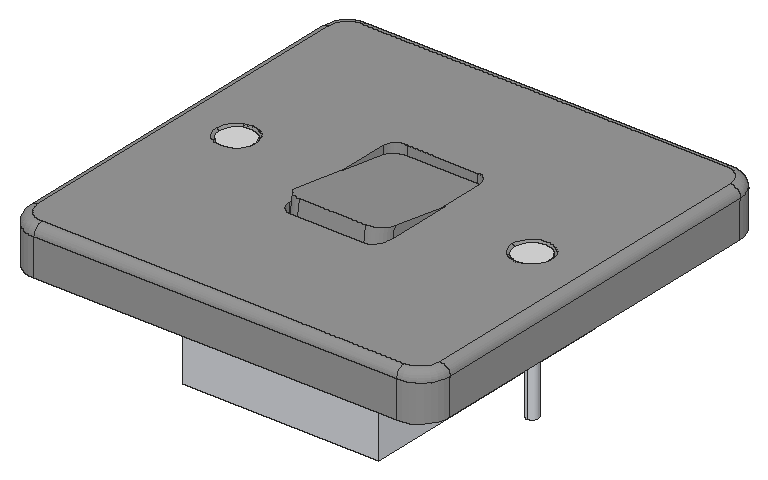
Revit family "ElectricalFixture_WiringAccessories_Hager_Sollysta_PushSwitches", category Lighting Fixtures, host Face, Revit 2015
Parameters (values of type "WMPS12RB")
  Warranty ID = ""
  Voltage (Volts) = "230V/240V"
  Unique Reference = "WMPS12RB"
  Type = "ElectricalFixture"
  Technical Description = Description  # "PushSwitchWithBellSymbol"
  Switch Width = 20.0 mm
  Switch = yes
  Supply Phase = "1"
  Size = ""
  Shipping Weight kg = "0.188"
  Shape = "Rectangular"
  Reference Standard = "BS 1363-2"
  Product URL = "http://www.hager.co.uk/product-catalogue/wiring-accessories/sollysta/white-moulded/white-moulded-sockets/58428.htm"
  Product Range = "Sollysta"
  Product Model Number = "WMPS12RB"
  Product Literature = "http://www.hager.co.uk/product-catalogue/wiring-accessories/sollysta/38662.htm"
  Product Group = "WiringAccessories"
  Product Family = "WhiteMouldedSwitches_PushSwitch"
  Packaging Recyclable = yes
  Overall Width = 0.0 mm
  Overall Length = 86.0 mm
  Overall Height = 86.0 mm
  Overall Depth = 26.07 mm
  Operation and Maintenance Manual = ""
  Name = "WhiteMouldedSwitches_PushSwitch_WMPS12RB"
  Measurement Units = "mm"
  Material = Urea Formaldehyde Thermoset Plastic
  Manufacturer Website = "http://www.hager.co.uk/"
  Manufacturer Country = "United Kingdom"
  Manufacturer = "Hager"
  LED Indicator Switch = no
  Gross Weight kg = "0.165"
  Frequency = "50/60Hz"
  Finish = "Gloss"
  Features = Description  # "PushSwitchWithBellSymbol"
  Extrusion From Wall = 11.921 mm
  Expected Life = "25 years"
  EAN Code = "5015652260677"
  Design Country = "China"
  Description = "PushSwitchWithBellSymbol"
  Default Elevation = 1219.2 mm
  Colour = "SollystaWhite"
  CE Approval = yes
Types (3, lengths in mm): name | Unique Reference | Technical Description | Switch Width | Product Model Number | Name | Features | EAN Code | Description
  WMPS12R | "WMPS12R" | "PushSwitch" | 20.0 | "WMPS12R" | "WhiteMouldedSwitches_PushSwitch_WMPS12R" | "PushSwitch" | "5015652260684" | "PushSwitch"
  WMPS12RB | "WMPS12RB" | "PushSwitchWithBellSymbol" | 20.0 | "WMPS12RB" | "WhiteMouldedSwitches_PushSwitch_WMPS12RB" | "PushSwitchWithBellSymbol" | "5015652260677" | "PushSwitchWithBellSymbol"
  WMPS12RW | "WMPS12RW" | "PushSwitchWideRocker" | 37.0 | "WMPS12RW" | "WhiteMouldedSwitches_PushSwitch_WMPS12RW" | "PushSwitchWideRocker" | "5015652260684" | "PushSwitchWideRocker"
Reference planes
  plane 1 "Center (Front/Back)": y = 0
  plane 2: z = 0
  plane 3 "Center (Left/Right)": x = -11.5
  plane 4: y = -43
  plane 5: y = 43
  plane 6: x = -54.5
  plane 7: x = 31.5
  plane 8: z = 9.47
  plane 9: z = -16.6
  plane 10: z = 11.921
  plane 11: y = -471.393
  plane 12: z = -20.53
  plane 13: x = -41.65
  plane 14: x = 18.65
  plane 15: x = -21.5
  plane 16: x = -1.5
Forms (mm)
  Extrusion 1, solid, material "Urea Formaldehyde Thermoset Plastic", detail levels fine
    sketch origin (0, 0, 0) x (1, 0, 0) y (0, 1, 0)
      loop
        arc (-54.5, -37.005) -> (-52.744, -41.244) -> (-48.505, -43) r 5.995
        line (-48.505, -43) -> (25.483, -43)
        arc (25.483, -43) -> (29.738, -41.238) -> (31.5, -36.983) r 6.017
        line (31.5, -36.983) -> (31.5, 37.035)
        arc (31.5, 37.035) -> (29.753, 41.253) -> (25.535, 43) r 5.965
        line (25.535, 43) -> (-48.518, 43)
        arc (-48.518, 43) -> (-52.748, 41.248) -> (-54.5, 37.018) r 5.982
        line (-54.5, 37.018) -> (-54.5, -37.005)
      loop
        circle (-41.65, 0) r 3.228
      loop
        circle (18.65, 0) r 3.228
      loop
        line (-1.5, -11.794) -> (-1.5, 11.928)
        arc (-1.5, 11.928) -> (-2.323, 13.914) -> (-4.308, 14.736) r 2.808
        line (-4.308, 14.736) -> (-18.765, 14.736)
        arc (-18.765, 14.736) -> (-20.699, 13.935) -> (-21.5, 12.001) r 2.735
        line (-21.5, 12.001) -> (-21.5, -11.881)
        arc (-21.5, -11.881) -> (-20.711, -13.786) -> (-18.806, -14.576) r 2.694
        line (-18.806, -14.576) -> (-4.281, -14.576)
        arc (-4.281, -14.576) -> (-2.315, -13.761) -> (-1.5, -11.794) r 2.781
    from 0 to 9.47
  Sweep 2, void
    path origin (0, 0, 0) x (1, 0, 0) y (0, 1, 0)
      loop
        line (-54.5, 37.018) -> (-54.5, -37.005)
        arc (-54.5, -37.005) -> (-52.744, -41.244) -> (-48.505, -43) r 5.995
        line (-48.505, -43) -> (25.483, -43)
        arc (25.483, -43) -> (29.738, -41.238) -> (31.5, -36.983) r 6.017
        line (31.5, -36.983) -> (31.5, 37.035)
        arc (31.5, 37.035) -> (29.753, 41.253) -> (25.535, 43) r 5.965
        line (25.535, 43) -> (-48.518, 43)
        arc (-48.518, 43) -> (-52.748, 41.248) -> (-54.5, 37.018) r 5.982
    profile origin (-54.5, 0.007, 0) x (1, 0, 0) y (0, 0, 1)
      loop
        line (0, 9.47) -> (0, 7.462)
        arc (0, 7.462) -> (0.588, 8.882) -> (2.008, 9.47) r 2.008
        line (2.008, 9.47) -> (0, 9.47)
  Sweep 3, void
    path origin (0, 0, 0) x (1, 0, 0) y (0, 1, 0)
      loop
        circle (18.65, 0) r 3.228
    profile origin (18.65, 3.228, 0) x (0, -1, 0) y (0, 0, 1)
      loop
        line (0, 9.47) -> (-0.814, 9.47)
        arc (-0.814, 9.47) -> (-0.347, 9.123) -> (0, 8.656) r 2
        line (0, 8.656) -> (0, 9.47)
  Sweep 4, void
    path origin (0, 0, 0) x (1, 0, 0) y (0, 1, 0)
      loop
        circle (-41.65, 0) r 3.228
    profile origin (-41.65, 3.228, 0) x (0, 1, 0) y (0, 0, 1)
      loop
        line (0, 9.47) -> (0, 8.656)
        arc (0, 8.656) -> (0.346, 9.124) -> (0.814, 9.47) r 1.964
        line (0.814, 9.47) -> (0, 9.47)
  Extrusion 5, solid, material "Steel, Chrome Plated", detail levels fine
    sketch origin (0, 0, 0) x (1, 0, 0) y (0, 1, 0)
      loop
        circle (-41.65, 0) r 3.542
    from -1.167 to 9.196
  Extrusion 6, solid, material "Steel, Chrome Plated", detail levels fine
    sketch origin (0, 0, 0) x (-1, 0, 0) y (0, -1, 0)
      loop
        circle (-18.65, 0) r 3.542
    from -1.167 to 9.196
  Extrusion 7, solid, material "Urea Formaldehyde Thermoset Plastic", detail levels medium
    sketch origin (0, 0, 0) x (1, 0, 0) y (0, 1, 0)
      loop
        line (-54.5, 43) -> (-54.5, -43) -> (31.5, -43) -> (31.5, 43) -> (-54.5, 43)
    from 0 to 9.47
  Extrusion 8, solid
    sketch origin (-184.307, 0, -1.167) x (0, 1, 0) y (-1, 0, 0)
      loop
        circle (0, -142.657) r 1.2
    from 0 to 19.363
  Extrusion 9, solid
    sketch origin (0, 0, -1.167) x (0, -1, 0) y (1, 0, 0)
      loop
        circle (0, 18.65) r 1.2
    from 0 to 19.363
  Extrusion 10, solid, material "Urea Formaldehyde Thermoset Plastic", detail levels medium
    sketch origin (0, 0, 0) x (1, 0, 0) y (0, 1, 0)
      loop
        line (-54.5, -43) -> (31.5, -43) -> (31.5, 43) -> (-54.5, 43) -> (-54.5, -43)
    from 0 to 9.47
  Extrusion 11, solid, material "Urea Formaldehyde Thermoset Plastic", visible <- "Switch", detail levels fine
    sketch origin (-18.717, -20.33, 3.542) x (1, 0, 0) y (0, 0.987688, -0.156434)
      loop
        arc (-2.783, 9.104) -> (-1.848, 6.845) -> (0.411, 5.91) r 3.194
        line (0.411, 5.91) -> (13.936, 5.91)
        arc (13.936, 5.91) -> (16.256, 6.871) -> (17.217, 9.191) r 3.281
        line (17.217, 9.191) -> (17.217, 32.07)
        arc (17.217, 32.07) -> (16.248, 34.409) -> (13.908, 35.378) r 3.308
        line (13.908, 35.378) -> (0.452, 35.378)
        arc (0.452, 35.378) -> (-1.836, 34.431) -> (-2.783, 32.143) r 3.235
        line (-2.783, 32.143) -> (-2.783, 9.104)
    from 0 to 9.42
  Extrusion 12, solid, detail levels medium+fine
    sketch origin (0, 0, 0) x (1, 0, 0) y (0, 1, 0)
      loop
        line (-31.361, 28.475) -> (-31.361, -26.525) -> (8.639, -26.525) -> (8.639, 28.475) -> (-31.361, 28.475)
    from -20.53 to 0
Cuts and joins
  Sweep 2, Sweep 3, Sweep 4 cuts Extrusion 1
Lines and regions (mm)
  symbolic lines, not visible, detail levels coarse
    curve 1: line (73.42, -504.912, 19.451) -> (3.42, -504.912, 19.451)
    curve 2: arc (73.42, -504.912, 19.451) -> (38.42, -504.912, 54.451) -> (3.42, -504.912, 19.451) r 35
    curve 3: circle (38.42, -504.912, 54.451) r 6 normal (0, 1, 0)
    curve 4: line (38.42, -504.912, 54.451) -> (38.42, -504.912, 99.451)
    curve 5: line (38.42, -504.912, 99.451) -> (68.42, -504.912, 99.451)
    curve 6: line (38.42, -504.912, 54.451) -> (10.78, -504.912, 87.391)
    curve 7: line (10.78, -504.912, 87.391) -> (-3.315, -504.912, 75.564)
    curve 8: line (0.509, -504.912, 19.451) -> (-69.491, -504.912, 19.451)
    curve 9: arc (0.509, -504.912, 19.451) -> (-34.491, -504.912, 54.451) -> (-69.491, -504.912, 19.451) r 35
    curve 10: circle (-34.491, -504.912, 54.451) r 6 normal (0, 1, 0)
    curve 11: line (-34.491, -504.912, 54.451) -> (-34.491, -504.912, 99.451)
    curve 12: line (-34.491, -504.912, 99.451) -> (-4.491, -504.912, 99.451)
    curve 13: line (-34.491, -504.912, 54.451) -> (-62.13, -504.912, 87.391)
    curve 14: line (-62.13, -504.912, 87.391) -> (-76.226, -504.912, 75.564)
  model lines, detail levels coarse
    curve 15: line (-54.5, 43, 0) -> (31.5, 43, 0)
    curve 16: line (-54.5, -43, 0) -> (-54.5, 43, 0)
    curve 17: line (31.5, -43, 0) -> (-54.5, -43, 0)
    curve 18: line (31.5, 43, 0) -> (31.5, -43, 0)
    curve 19: arc (-37.608, 0, 0) -> (-41.65, -4.042, 0) -> (-45.692, 0, 0) r 4.042
    curve 20: arc (-45.692, 0, 0) -> (-41.65, 4.042, 0) -> (-37.608, 0, 0) r 4.042
    curve 21: arc (22.692, 0, 0) -> (18.65, -4.042, 0) -> (14.608, 0, 0) r 4.042
    curve 22: arc (14.608, 0, 0) -> (18.65, 4.042, 0) -> (22.692, 0, 0) r 4.042
  symbolic lines, detail levels coarse
    curve 23: circle (33.188, -504.912, 13.061) r 13.061 normal (0, -1, 0)
    curve 24: line (20.133, -504.912, 13.459) -> (-62.078, -504.912, 13.459)
  model lines
    curve 25: line (-21.5, 12.891, 0) -> (-21.5, -11.881, 0)
    curve 26: line (-1.5, 12.819, 0) -> (-1.5, -11.794, 0)
    curve 27: line (-4.808, 16.086, 0) -> (-18.265, 16.086, 0)
    curve 28: line (-4.281, -14.576, 0) -> (-18.806, -14.576, 0)
    curve 29: arc (-18.806, -14.576, 0) -> (-20.711, -13.786, 0) -> (-21.5, -11.881, 0) r 2.694
    curve 30: arc (-1.5, -11.794, 0) -> (-2.315, -13.761, 0) -> (-4.281, -14.576, 0) r 2.781
    curve 31: spline (-18.265, 16.086, 0) -> (-18.687, 16.059, 0) -> (-19.102, 15.977, 0) -> (-19.503, 15.843, 0) -> (-19.883, 15.658, 0) -> (-20.234, 15.426, 0) -> (-20.553, 15.15, 0) -> (-20.832, 14.836, 0) -> (-21.067, 14.489, 0) -> (-21.254, 14.114, 0) -> (-21.39, 13.718, 0) -> (-21.472, 13.308, 0) -> (-21.5, 12.891, 0)
    curve 32: spline (-1.5, 12.819, 0) -> (-1.528, 13.245, 0) -> (-1.613, 13.664, 0) -> (-1.752, 14.069, 0) -> (-1.943, 14.452, 0) -> (-2.184, 14.808, 0) -> (-2.469, 15.129, 0) -> (-2.794, 15.411, 0) -> (-3.154, 15.649, 0) -> (-3.542, 15.838, 0) -> (-3.952, 15.975, 0) -> (-4.377, 16.058, 0) -> (-4.808, 16.086, 0)
Dimensions and locks
  plane 10 to plane 9 = 28.521 mm
  plane 8 to plane 9 = 26.07 mm
  plane 2 to plane 9 = 16.6 mm
  "Overall Length": plane 6 to plane 7
  "Overall Height": plane 4 to plane 5
  "Overall Depth": plane 9 to plane 8
  plane 2 to plane 10 = 11.921 mm
  plane 8 to plane 12 = 30.0 mm
  locked: plane 14 to plane 7 at 12.85
  locked: plane 6 to plane 13 at 12.85
  equal spacing: plane 6, plane 3 "Center (Left/Right)", plane 7
  equal spacing: plane 15, plane 3 "Center (Left/Right)", plane 16
  "Switch Width": plane 15 to plane 16
  aligned and locked: plane 2 to host face
  aligned and locked: level to host face
  aligned and locked: Extrusion 1 to plane 8
  aligned and locked: Extrusion 7 to plane 8
  aligned and locked: Extrusion 6 to Extrusion 8
  aligned and locked: Extrusion 9 to Extrusion 5
  aligned and locked: plane 12 to Extrusion 9
  aligned and locked: Extrusion 10 to plane 8
  aligned and locked: Extrusion 10 to level
  aligned and locked: plane 16 to cut or joined group of Extrusion 1, Sweep 2, Sweep 3, Sweep 4
  aligned and locked: Extrusion 1 sketch curve to plane 15
  aligned and locked: plane 14 to Extrusion 9 sketch curve
  aligned and locked: plane 13 to Extrusion 8 sketch curve
  aligned and locked: plane 15 to Extrusion 11 sketch curve
  aligned and locked: Extrusion 11 sketch curve to plane 16
  aligned and locked: curve 25 to plane 15
  aligned and locked: curve 26 to plane 16
  aligned and locked: curve 27 to Extrusion 11
  aligned and locked: curve 29 to cut or joined group of Extrusion 1, Sweep 2, Sweep 3, Sweep 4
  aligned and locked: curve 30 to cut or joined group of Extrusion 1, Sweep 2, Sweep 3, Sweep 4
  aligned and locked: Extrusion 8 to Extrusion 12
  aligned and locked: level to Extrusion 12
Automatic sketch dimensions
  host sketch curve to host sketch curve = 2438.4 mm  (x2)
  Sweep 2 sketch curve to plane 6 = 0.0 mm
  plane 5 to Sweep 2 sketch curve = 0.0 mm
  plane 4 to Sweep 2 sketch curve = 0.0 mm
  Sweep 2 sketch curve to Sweep 2 sketch curve = 5.982 mm
  plane 6 to Sweep 2 sketch curve = 5.995 mm
  Sweep 2 sketch curve to plane 7 = 6.017 mm
  Sweep 2 sketch curve to plane 7 = 5.965 mm
  plane 7 to Sweep 2 sketch curve = 0.0 mm
  profile plane to Sweep 2 sketch curve = 0.0 mm
  Sweep 2 sketch curve to Sweep 2 sketch curve = 2.008 mm
  level to Sweep 2 sketch curve = 7.462 mm
  plane 1 "Center (Front/Back)" to Sweep 3 sketch curve = 0.0 mm
  Sweep 3 sketch curve to plane 14 = 0.0 mm
  Sweep 3 sketch curve to profile plane = 0.0 mm
  Sweep 3 sketch curve to Sweep 3 sketch curve = 0.814 mm
  profile plane to Sweep 3 sketch curve = 1.761 mm
  level to Sweep 3 sketch curve = 7.709 mm
  Sweep 3 sketch curve to Sweep 3 sketch curve = 0.947 mm
  Sweep 4 sketch curve to Sweep 4 sketch curve = 0.0 mm  (x2)
  plane 1 "Center (Front/Back)" to Sweep 4 sketch curve = 0.0 mm
  Sweep 4 sketch curve to plane 13 = 0.0 mm
  Sweep 4 sketch curve to plane 13 = 3.228 mm
  Sweep 4 sketch curve to profile plane = 0.0 mm
  Sweep 4 sketch curve to profile plane = 0.814 mm
  Sweep 4 sketch curve to profile plane = 1.735 mm
  level to Sweep 4 sketch curve = 7.735 mm
  Sweep 4 sketch curve to Sweep 4 sketch curve = 0.921 mm
  Extrusion 5 sketch curve to Extrusion 5 sketch curve = 0.0 mm  (x2)
  plane 1 "Center (Front/Back)" to Extrusion 5 sketch curve = 0.0 mm
  Extrusion 5 sketch curve to plane 13 = 0.0 mm
  Extrusion 5 sketch curve to plane 13 = 3.542 mm
  Extrusion 6 sketch curve to Extrusion 6 sketch curve = 0.0 mm  (x2)
  plane 1 "Center (Front/Back)" to Extrusion 6 sketch curve = 0.0 mm
  plane 14 to Extrusion 6 sketch curve = 0.0 mm
  Extrusion 6 sketch curve to plane 14 = 3.542 mm
  plane 4 to Extrusion 7 sketch curve = 0.0 mm
  Extrusion 7 sketch curve to plane 6 = 0.0 mm
  Extrusion 7 sketch curve to plane 7 = 0.0 mm
  plane 5 to Extrusion 7 sketch curve = 0.0 mm
  plane 5 to Extrusion 10 sketch curve = 0.0 mm
  Extrusion 10 sketch curve to plane 6 = 0.0 mm
  Extrusion 10 sketch curve to plane 7 = 0.0 mm
  plane 4 to Extrusion 10 sketch curve = 0.0 mm
  curve 19 to curve 20 = 0.0 mm  (x2)
  curve 21 to curve 22 = 0.0 mm  (x2)
  plane 4 to curve 17 = 0.0 mm
  curve 17 to plane 6 = 0.0 mm
  plane 1 "Center (Front/Back)" to curve 19 = 0.0 mm
  curve 20 to plane 13 = 0.0 mm
  plane 1 "Center (Front/Back)" to curve 21 = 0.0 mm
  curve 22 to plane 14 = 0.0 mm
  curve 17 to plane 7 = 0.0 mm
  plane 5 to curve 16 = 0.0 mm
  curve 19 to plane 13 = 4.042 mm
  curve 21 to curve 21 = 4.042 mm
  Extrusion 1 sketch curve to plane 6 = 0.0 mm
  plane 5 to Extrusion 1 sketch curve = 0.0 mm
  plane 4 to Extrusion 1 sketch curve = 0.0 mm
  plane 1 "Center (Front/Back)" to Extrusion 1 sketch curve = 0.0 mm  (x2)
  Extrusion 1 sketch curve to plane 13 = 0.0 mm
  Extrusion 1 sketch curve to plane 16 = 0.0 mm
  Extrusion 1 sketch curve to plane 14 = 0.0 mm
  plane 6 to Extrusion 1 sketch curve = 5.982 mm
  plane 6 to Extrusion 1 sketch curve = 5.995 mm
  plane 15 to Extrusion 1 sketch curve = 2.694 mm
  plane 15 to Extrusion 1 sketch curve = 2.735 mm
  Extrusion 1 sketch curve to Extrusion 1 sketch curve = 2.808 mm
  Extrusion 1 sketch curve to plane 16 = 2.781 mm
  Extrusion 1 sketch curve to plane 7 = 6.017 mm
  Extrusion 1 sketch curve to plane 7 = 5.965 mm
  plane 7 to Extrusion 1 sketch curve = 0.0 mm
  plane 1 "Center (Front/Back)" to Extrusion 1 sketch curve = 14.576 mm
  Extrusion 1 sketch curve to plane 1 "Center (Front/Back)" = 11.928 mm
  Extrusion 11 sketch curve to Extrusion 11 sketch curve = 3.194 mm
  Extrusion 11 sketch curve to Extrusion 11 sketch curve = 3.235 mm
  Extrusion 11 sketch curve to plane 16 = 3.308 mm
  Extrusion 11 sketch curve to plane 16 = 3.281 mm
  Extrusion 11 sketch curve to Extrusion 11 sketch curve = 22.879 mm
  plane 7 to curve 23 = 1.688 mm
  curve 23 to plane 10 = 1.141 mm
  plane 14 to curve 24 = 1.483 mm
  curve 24 to plane 10 = 1.538 mm
  curve 24 to plane 6 = 7.578 mm
  plane 15 to curve 27 = 3.235 mm
  curve 27 to plane 16 = 3.308 mm
  curve 31 to curve 31 = 3.195 mm
  curve 32 to curve 32 = 3.268 mm
  Extrusion 12 sketch curve to plane 15 = 9.861 mm
  Extrusion 12 sketch curve to plane 14 = 10.011 mm
  Extrusion 12 sketch curve to plane 4 = 16.475 mm
  plane 5 to Extrusion 12 sketch curve = 14.525 mm
  radius of Sweep 3 sketch curve = 3.228 mm
  radius of Extrusion 8 sketch curve = 1.2 mm
  radius of Extrusion 9 sketch curve = 1.2 mm
  radius of Extrusion 1 sketch curve = 3.228 mm  (x2)
Connectors
  electrical at (-11.501, 0.008, 0)
    settings: on cut or joined group of Extrusion 1, Sweep 2, Sweep 3, Sweep 4, index 1, voltage 230 V, apparent load 0 VA, apparent load phase1 0 VA, apparent load phase2 0 VA, apparent load phase3 0 VA, power factor 1, load classification "Other", number of poles 1, system type 31, power factor state 1, is connector primary yes, connector utility no, sub classification motor no, connector description ""
